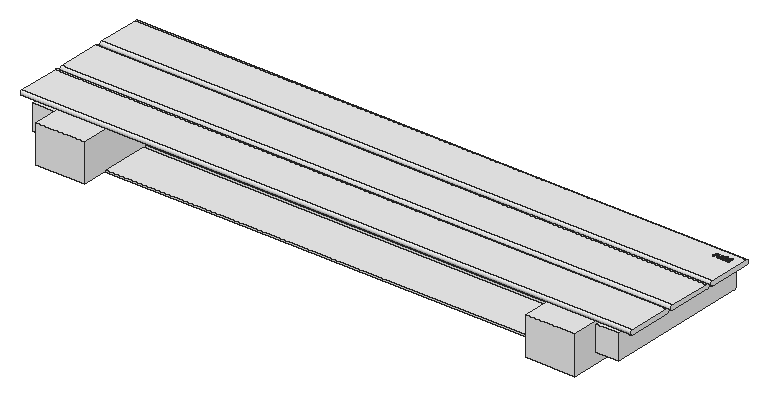
Revit family "Runtal-EB3-120D-120-Volts-36", category Mechanical Equipment, host Face, Revit 2026
Family settings
  Host = Face
  Round Connector Dimension = Use Diameter
  Part Type = Normal
  Classification Number = 23.75.10.14.14
  Cut with Voids When Loaded = No
  Maintain Annotation Orientation = No
  Shared = No
  Room Calculation Point = No
Parameters (values of type "Electric Baseboard-EB3-120D-36-Runtal-Commercial")
  Vertical Conection = Powder Coated-Runtal- Brass
  URL = "http://www.runtalnorthamerica.com/cartpages/orderelectricbaseboard.html"
  Model = "EB3-120D-(120 Volts)-36"
  Manufacturer = "Runtal Radiators"
  Logo = Paint-Runtal-B-Black Matte
  Lamelle = yes
  Grille = yes
  Description = "36\" Runtal’s electric baseboard combines high outputs and low surface temperatures with the fine design and outstanding outputs."
  Default Elevation = 1219.200 mm
  Casing = Powder Coated-Runtal-W-White
  Assembly Code = "D3020"
Reference planes
  plane 1 "Center (Front/Back)": y = 0
  plane 2: z = 0
  plane 3 "Center (Left/Right)": x = 0
Forms (mm)
  Extrusion 1, solid, material "Powder Coated-Runtal-W-White" <- "Casing"
    sketch origin (-317.5, -1393.215, -19.05) x (0, 0, -1) y (0, 1, 0)
      loop
        line (-76.2, 1434.319) -> (-76.2, 1497.819)
        arc (-76.2, 1497.819) -> (-79.375, 1500.994) -> (-82.55, 1497.819) r 3.175
        line (-82.55, 1497.819) -> (-82.55, 1434.319)
        arc (-82.55, 1434.319) -> (-79.375, 1431.144) -> (-76.2, 1434.319) r 3.175
      loop
        line (-76.2, 1583.67) -> (-76.2, 1647.17)
        arc (-76.2, 1647.17) -> (-79.375, 1650.345) -> (-82.55, 1647.17) r 3.175
        line (-82.55, 1647.17) -> (-82.55, 1583.67)
        arc (-82.55, 1583.67) -> (-79.375, 1580.495) -> (-76.2, 1583.67) r 3.175
      loop
        line (-76.2, 1508.994) -> (-76.2, 1572.494)
        arc (-76.2, 1572.494) -> (-79.375, 1575.669) -> (-82.55, 1572.494) r 3.175
        line (-82.55, 1572.494) -> (-82.55, 1508.994)
        arc (-82.55, 1508.994) -> (-79.375, 1505.819) -> (-76.2, 1508.994) r 3.175
    from -139.7 to 774.7
  Extrusion 2, solid, material "Powder Coated-Runtal-W-White" <- "Casing"
    sketch origin (-152.4, -123.215, -68.477) x (0, 0, -1) y (0, 1, 0)
      loop
        line (-122.452, 319.964) -> (-119.277, 319.964) -> (-119.277, 371.461) -> (-122.452, 371.461) -> (-122.452, 319.964)
    from -250.825 to 555.625
  Extrusion 3, solid, material "Powder Coated-Runtal-W-White" <- "Casing"
    sketch origin (-166.049, 0, -97.139) x (0, 0, -1) y (0, 1, 0)
      loop
        line (-151.114, 38.1) -> (-113.565, 38.1) -> (-113.565, 253.463)
        arc (-113.565, 253.463) -> (-114.652, 256.088) -> (-117.277, 257.175) r 3.712
        line (-117.277, 257.175) -> (-148.282, 257.175)
        arc (-148.282, 257.175) -> (-150.284, 256.345) -> (-151.114, 254.343) r 2.832
        line (-151.114, 254.343) -> (-151.114, 248.245) -> (-154.289, 248.245) -> (-154.289, 196.748) -> (-151.114, 196.748) -> (-151.114, 171.498) -> (-154.289, 171.498) -> (-154.289, 122.641) -> (-151.114, 122.641) -> (-151.114, 99.094) -> (-154.289, 99.094) -> (-154.289, 50.237) -> (-151.114, 50.237) -> (-151.114, 38.1)
    from -272.101 to -237.176
  Extrusion 4, solid, material "Powder Coated-Runtal-W-White" <- "Casing"
    sketch origin (162.182, 0, -97.139) x (0, 0, -1) y (0, -1, 0)
      loop
        line (-151.114, -38.1) -> (-151.114, -50.237) -> (-154.289, -50.237) -> (-154.289, -99.094) -> (-151.114, -99.094) -> (-151.114, -122.641) -> (-154.289, -122.641) -> (-154.289, -171.498) -> (-151.114, -171.498) -> (-151.114, -196.748) -> (-154.289, -196.748) -> (-154.289, -248.245) -> (-151.114, -248.245) -> (-151.114, -254.343)
        arc (-151.114, -254.343) -> (-150.284, -256.345) -> (-148.282, -257.175) r 2.832
        line (-148.282, -257.175) -> (-117.277, -257.175)
        arc (-117.277, -257.175) -> (-114.652, -256.088) -> (-113.565, -253.463) r 3.712
        line (-113.565, -253.463) -> (-113.565, -38.1) -> (-151.114, -38.1)
    from -275.968 to -241.043
  Extrusion 5, solid, material "Powder Coated-Runtal-W-White" <- "Casing"
    sketch origin (161.677, 0, -97.139) x (0, 0, -1) y (0, -1, 0)
      loop
        line (-154.289, -171.498) -> (-97.139, -171.498) -> (-97.139, 0) -> (-154.289, 0) -> (-154.289, -171.498)
    from -241.548 to -168.523
  Revolve 6, solid, material "Paint-Runtal-B-Black Matte" <- "Logo", detail levels medium+fine
    sketch origin (384.175, -31.779, -97.139) x (0, 0, -1) y (0, 1, 0)
      loop
        line (-99.262, 135.663) -> (-99.262, 138.231) -> (-102.702, 138.231) -> (-102.702, 133.21) -> (-94.147, 133.21) -> (-94.147, 135.663) -> (-95.188, 135.663) -> (-95.188, 138.231) -> (-96.341, 138.231) -> (-96.341, 135.663) -> (-99.262, 135.663)
      axis (-94.147, 133.21) -> (-102.702, 133.21)
    angle from 0 to 360
  Revolve 7, solid, material "Paint-Runtal-B-Black Matte" <- "Logo", detail levels medium+fine
    sketch origin (349.25, -31.779, -97.139) x (0, 0, -1) y (0, 1, 0)
      loop
        line (-99.262, 135.663) -> (-99.262, 138.231) -> (-102.702, 138.231) -> (-102.702, 133.21) -> (-94.147, 133.21) -> (-94.147, 135.663) -> (-95.188, 135.663) -> (-95.188, 138.231) -> (-96.341, 138.231) -> (-96.341, 135.663) -> (-99.262, 135.663)
      axis (-94.147, 133.21) -> (-102.702, 133.21)
    angle from 0 to 360
  Extrusion 8, solid, material "Powder Coated-Runtal-W-White" <- "Casing"
    sketch origin (-154.93, 0, -97.139) x (0, 0, -1) y (0, 1, 0)
      loop
        line (-154.289, 171.498) -> (-154.289, 0) -> (-97.139, 0) -> (-97.139, 171.498) -> (-154.289, 171.498)
    from -248.295 to -175.27
  Revolve 9, solid, material "Paint-Runtal-B-Black Matte" <- "Logo", detail levels medium+fine
    sketch origin (-385.373, -31.779, -97.139) x (0, 0, -1) y (0, -1, 0)
      loop
        line (-99.262, -135.663) -> (-96.341, -135.663) -> (-96.341, -138.231) -> (-95.188, -138.231) -> (-95.188, -135.663) -> (-94.147, -135.663) -> (-94.147, -133.21) -> (-102.702, -133.21) -> (-102.702, -138.231) -> (-99.262, -138.231) -> (-99.262, -135.663)
      axis (-94.147, -133.21) -> (-102.702, -133.21)
    angle from 0 to 360
  Revolve 10, solid, material "Paint-Runtal-B-Black Matte" <- "Logo", detail levels medium+fine
    sketch origin (-350.448, -31.779, -97.139) x (0, 0, -1) y (0, -1, 0)
      loop
        line (-99.262, -135.663) -> (-96.341, -135.663) -> (-96.341, -138.231) -> (-95.188, -138.231) -> (-95.188, -135.663) -> (-94.147, -135.663) -> (-94.147, -133.21) -> (-102.702, -133.21) -> (-102.702, -138.231) -> (-99.262, -138.231) -> (-99.262, -135.663)
      axis (-94.147, -133.21) -> (-102.702, -133.21)
    angle from 0 to 360
  Extrusion 11, solid, material "Paint-Runtal-B-Black Matte" <- "Logo"
    sketch origin (203.278, -639.614, -138.55) x (1, 0, 0) y (0, 1, 0)
      loop
        line (215.9, 877.175) -> (217.482, 877.175) -> (217.482, 880.935)
        arc (217.482, 880.935) -> (218.028, 881.547) -> (218.698, 881.075) r 0.616
        arc (218.698, 881.075) -> (218.926, 880.633) -> (219.216, 880.229) r 3.37
        line (219.216, 880.229) -> (221.077, 880.229) -> (219.757, 883.061)
        arc (219.757, 883.061) -> (219.338, 883.403) -> (218.812, 883.525) r 1.194
        line (218.812, 883.525) -> (216.635, 883.525)
        arc (216.635, 883.525) -> (216.118, 883.334) -> (215.9, 882.827) r 0.699
        line (215.9, 882.827) -> (215.9, 877.175)
      loop
        line (222.852, 877.146) -> (225.869, 877.146) -> (225.869, 883.46)
        arc (225.869, 883.46) -> (225.105, 883.929) -> (224.341, 883.46) r 0.856
        line (224.341, 883.46) -> (224.341, 879.55)
        arc (224.341, 879.55) -> (223.721, 878.929) -> (223.1, 879.55) r 0.62
        line (223.1, 879.55) -> (221.834, 883.692)
        arc (221.834, 883.692) -> (220.996, 884.11) -> (220.536, 883.296) r 0.68
        line (220.536, 883.296) -> (221.738, 878.473)
        arc (221.738, 878.473) -> (222.142, 877.681) -> (222.852, 877.146) r 1.976
      loop
        line (226.263, 877.175) -> (227.738, 877.175) -> (227.738, 881.08)
        arc (227.738, 881.08) -> (228.119, 881.677) -> (228.747, 881.35) r 0.524
        line (228.747, 881.35) -> (229.931, 878.096)
        arc (229.931, 878.096) -> (230.64, 877.334) -> (231.68, 877.312) r 1.335
        line (231.68, 877.312) -> (230.282, 882.529)
        arc (230.282, 882.529) -> (229.99, 883.234) -> (229.286, 883.525) r 0.996
        line (229.286, 883.525) -> (226.837, 883.525)
        arc (226.837, 883.525) -> (226.431, 883.357) -> (226.263, 882.951) r 0.574
        line (226.263, 882.951) -> (226.263, 877.175)
      loop
        line (232.362, 877.175) -> (233.546, 877.175) -> (233.546, 880.946)
        arc (233.546, 880.946) -> (233.686, 881.325) -> (234.038, 881.521) r 0.582
        line (234.038, 881.521) -> (236.904, 881.521)
        arc (236.904, 881.521) -> (237.565, 880.86) -> (236.904, 880.199) r 0.661
        line (236.904, 880.199) -> (235.445, 880.199)
        arc (235.445, 880.199) -> (234.937, 879.989) -> (234.726, 879.481) r 0.718
        line (234.726, 879.481) -> (234.726, 877.743)
        arc (234.726, 877.743) -> (235.131, 877.463) -> (235.621, 877.417) r 0.967
        line (235.621, 877.417) -> (238.115, 877.417)
        arc (238.115, 877.417) -> (238.698, 877.659) -> (238.939, 878.241) r 0.824
        line (238.939, 878.241) -> (238.939, 881.716)
        arc (238.939, 881.716) -> (238.614, 882.502) -> (237.828, 882.828) r 1.111
        line (237.828, 882.828) -> (234.143, 882.828)
        arc (234.143, 882.828) -> (233.721, 883.003) -> (233.546, 883.425) r 0.597
        line (233.546, 883.425) -> (233.546, 884.441)
        arc (233.546, 884.441) -> (232.868, 885.118) -> (232.191, 884.441) r 0.677
        line (232.191, 884.441) -> (232.191, 882.794)
        arc (232.191, 882.794) -> (231.752, 882.355) -> (231.152, 882.194) r 1.2
        arc (231.152, 882.194) -> (230.815, 881.857) -> (231.152, 881.521) r 0.336
        arc (231.152, 881.521) -> (231.811, 881.385) -> (232.362, 880.998) r 1.661
        line (232.362, 880.998) -> (232.362, 877.175)
      loop
        spline (235.817, 878.915) -> (235.846, 878.769) -> (235.933, 878.633) -> (236.07, 878.516) -> (236.248, 878.426) -> (236.456, 878.37) -> (236.68, 878.35) -> (236.903, 878.37) -> (237.111, 878.426) -> (237.289, 878.516) -> (237.427, 878.633) -> (237.513, 878.769) -> (237.542, 878.915)
        spline (237.542, 878.915) -> (237.513, 879.061) -> (237.427, 879.198) -> (237.289, 879.315) -> (237.111, 879.404) -> (236.903, 879.461) -> (236.68, 879.48) -> (236.456, 879.461) -> (236.248, 879.404) -> (236.07, 879.315) -> (235.933, 879.198) -> (235.846, 879.061) -> (235.817, 878.915)
      loop
        line (239.224, 877.175) -> (240.643, 877.175) -> (240.643, 884.403)
        arc (240.643, 884.403) -> (239.934, 885.113) -> (239.224, 884.403) r 0.71
        line (239.224, 884.403) -> (239.224, 877.175)
    from 202.044 to 202.214
  Extrusion 12, solid, material "Powder Coated-Runtal-W-White" <- "Casing"
    sketch origin (0, 0, -76.2) x (1, 0, 0) y (0, 0, -1)
      loop
        arc (-399.34, -92.626) -> (-402.087, -93.764) -> (-403.225, -96.511) r 3.885
        line (-403.225, -96.511) -> (-403.225, -129.472)
        arc (-403.225, -129.472) -> (-402.089, -132.214) -> (-399.347, -133.35) r 3.878
        line (-399.347, -133.35) -> (399.361, -133.35)
        arc (399.361, -133.35) -> (402.093, -132.218) -> (403.225, -129.486) r 3.864
        line (403.225, -129.486) -> (403.225, -96.412)
        arc (403.225, -96.412) -> (402.116, -93.735) -> (399.439, -92.626) r 3.786
        line (399.439, -92.626) -> (-399.34, -92.626)
    from 254.595 to 257.175
  Extrusion 13, solid, material "Powder Coated-Runtal-W-White" <- "Casing", detail levels medium+fine
    sketch origin (0, 0, -76.2) x (0, 0, -1) y (0, 1, 0)
      loop
        line (-76.2, 171.498) -> (-79.151, 171.498) -> (-79.151, 112.604) -> (-76.2, 112.604) -> (-76.2, 171.498)
      loop
        line (-76.2, 107.673) -> (-79.151, 107.673) -> (-79.151, 37.929) -> (-76.2, 37.929) -> (-76.2, 107.673)
    from -330.2 to 330.2
  Extrusion 14, solid, material "Powder Coated-Runtal-W-White" <- "Casing", not visible
    sketch origin (-317.5, -57.15, -1393.215) x (0, 1, 0) y (0, 0, 1)
      loop
        line (-76.2, 1434.319) -> (-76.2, 1497.819)
        arc (-76.2, 1497.819) -> (-79.375, 1500.994) -> (-82.55, 1497.819) r 3.175
        line (-82.55, 1497.819) -> (-82.55, 1434.319)
        arc (-82.55, 1434.319) -> (-79.375, 1431.144) -> (-76.2, 1434.319) r 3.175
      loop
        line (-76.2, 1583.67) -> (-76.2, 1647.17)
        arc (-76.2, 1647.17) -> (-79.375, 1650.345) -> (-82.55, 1647.17) r 3.175
        line (-82.55, 1647.17) -> (-82.55, 1583.67)
        arc (-82.55, 1583.67) -> (-79.375, 1580.495) -> (-76.2, 1583.67) r 3.175
      loop
        line (-76.2, 1508.994) -> (-76.2, 1572.494)
        arc (-76.2, 1572.494) -> (-79.375, 1575.669) -> (-82.55, 1572.494) r 3.175
        line (-82.55, 1572.494) -> (-82.55, 1508.994)
        arc (-82.55, 1508.994) -> (-79.375, 1505.819) -> (-76.2, 1508.994) r 3.175
    from -139.7 to 774.7
  Extrusion 15, solid, material "Powder Coated-Runtal-W-White" <- "Casing", not visible
    sketch origin (-152.4, -7.723, -123.215) x (0, 1, 0) y (0, 0, 1)
      loop
        line (-122.452, 319.964) -> (-119.277, 319.964) -> (-119.277, 371.461) -> (-122.452, 371.461) -> (-122.452, 319.964)
    from -250.825 to 555.625
  Extrusion 16, solid, material "Powder Coated-Runtal-W-White" <- "Casing", not visible
    sketch origin (-166.049, 20.939, 0) x (0, 1, 0) y (0, 0, 1)
      loop
        line (-151.114, 38.1) -> (-113.565, 38.1) -> (-113.565, 253.463)
        arc (-113.565, 253.463) -> (-114.652, 256.088) -> (-117.277, 257.175) r 3.712
        line (-117.277, 257.175) -> (-148.282, 257.175)
        arc (-148.282, 257.175) -> (-150.284, 256.345) -> (-151.114, 254.343) r 2.832
        line (-151.114, 254.343) -> (-151.114, 248.245) -> (-154.289, 248.245) -> (-154.289, 196.748) -> (-151.114, 196.748) -> (-151.114, 171.498) -> (-154.289, 171.498) -> (-154.289, 122.641) -> (-151.114, 122.641) -> (-151.114, 99.094) -> (-154.289, 99.094) -> (-154.289, 50.237) -> (-151.114, 50.237) -> (-151.114, 38.1)
    from -272.101 to -237.176
  Extrusion 17, solid, material "Powder Coated-Runtal-W-White" <- "Casing", not visible
    sketch origin (162.182, 20.939, 0) x (0, 1, 0) y (0, 0, -1)
      loop
        line (-151.114, -38.1) -> (-151.114, -50.237) -> (-154.289, -50.237) -> (-154.289, -99.094) -> (-151.114, -99.094) -> (-151.114, -122.641) -> (-154.289, -122.641) -> (-154.289, -171.498) -> (-151.114, -171.498) -> (-151.114, -196.748) -> (-154.289, -196.748) -> (-154.289, -248.245) -> (-151.114, -248.245) -> (-151.114, -254.343)
        arc (-151.114, -254.343) -> (-150.284, -256.345) -> (-148.282, -257.175) r 2.832
        line (-148.282, -257.175) -> (-117.277, -257.175)
        arc (-117.277, -257.175) -> (-114.652, -256.088) -> (-113.565, -253.463) r 3.712
        line (-113.565, -253.463) -> (-113.565, -38.1) -> (-151.114, -38.1)
    from -275.968 to -241.043
  Extrusion 18, solid, material "Powder Coated-Runtal-W-White" <- "Casing", not visible
    sketch origin (161.677, 20.939, 0) x (0, 1, 0) y (0, 0, -1)
      loop
        line (-154.289, -171.498) -> (-97.139, -171.498) -> (-97.139, 0) -> (-154.289, 0) -> (-154.289, -171.498)
    from -241.548 to -168.523
  Revolve 19, solid, material "Paint-Runtal-B-Black Matte" <- "Logo", not visible, detail levels medium+fine
    sketch origin (384.175, 20.939, -31.779) x (0, 1, 0) y (0, 0, 1)
      loop
        line (-99.262, 135.663) -> (-99.262, 138.231) -> (-102.702, 138.231) -> (-102.702, 133.21) -> (-94.147, 133.21) -> (-94.147, 135.663) -> (-95.188, 135.663) -> (-95.188, 138.231) -> (-96.341, 138.231) -> (-96.341, 135.663) -> (-99.262, 135.663)
      axis (-94.147, 133.21) -> (-102.702, 133.21)
    angle from 0 to 360
  Revolve 20, solid, material "Paint-Runtal-B-Black Matte" <- "Logo", not visible, detail levels medium+fine
    sketch origin (349.25, 20.939, -31.779) x (0, 1, 0) y (0, 0, 1)
      loop
        line (-99.262, 135.663) -> (-99.262, 138.231) -> (-102.702, 138.231) -> (-102.702, 133.21) -> (-94.147, 133.21) -> (-94.147, 135.663) -> (-95.188, 135.663) -> (-95.188, 138.231) -> (-96.341, 138.231) -> (-96.341, 135.663) -> (-99.262, 135.663)
      axis (-94.147, 133.21) -> (-102.702, 133.21)
    angle from 0 to 360
  Extrusion 21, solid, material "Powder Coated-Runtal-W-White" <- "Casing", not visible
    sketch origin (-154.93, 20.939, 0) x (0, 1, 0) y (0, 0, 1)
      loop
        line (-154.289, 171.498) -> (-154.289, 0) -> (-97.139, 0) -> (-97.139, 171.498) -> (-154.289, 171.498)
    from -248.295 to -175.27
  Revolve 22, solid, material "Paint-Runtal-B-Black Matte" <- "Logo", not visible, detail levels medium+fine
    sketch origin (-385.373, 20.939, -31.779) x (0, 1, 0) y (0, 0, -1)
      loop
        line (-99.262, -135.663) -> (-96.341, -135.663) -> (-96.341, -138.231) -> (-95.188, -138.231) -> (-95.188, -135.663) -> (-94.147, -135.663) -> (-94.147, -133.21) -> (-102.702, -133.21) -> (-102.702, -138.231) -> (-99.262, -138.231) -> (-99.262, -135.663)
      axis (-94.147, -133.21) -> (-102.702, -133.21)
    angle from 0 to 360
  Revolve 23, solid, material "Paint-Runtal-B-Black Matte" <- "Logo", not visible, detail levels medium+fine
    sketch origin (-350.448, 20.939, -31.779) x (0, 1, 0) y (0, 0, -1)
      loop
        line (-99.262, -135.663) -> (-96.341, -135.663) -> (-96.341, -138.231) -> (-95.188, -138.231) -> (-95.188, -135.663) -> (-94.147, -135.663) -> (-94.147, -133.21) -> (-102.702, -133.21) -> (-102.702, -138.231) -> (-99.262, -138.231) -> (-99.262, -135.663)
      axis (-94.147, -133.21) -> (-102.702, -133.21)
    angle from 0 to 360
  Extrusion 24, solid, material "Paint-Runtal-B-Black Matte" <- "Logo", not visible
    sketch origin (203.278, 62.35, -639.614) x (1, 0, 0) y (0, 0, 1)
      loop
        line (215.9, 877.175) -> (217.482, 877.175) -> (217.482, 880.935)
        arc (217.482, 880.935) -> (218.028, 881.547) -> (218.698, 881.075) r 0.616
        arc (218.698, 881.075) -> (218.926, 880.633) -> (219.216, 880.229) r 3.37
        line (219.216, 880.229) -> (221.077, 880.229) -> (219.757, 883.061)
        arc (219.757, 883.061) -> (219.338, 883.403) -> (218.812, 883.525) r 1.194
        line (218.812, 883.525) -> (216.635, 883.525)
        arc (216.635, 883.525) -> (216.118, 883.334) -> (215.9, 882.827) r 0.699
        line (215.9, 882.827) -> (215.9, 877.175)
      loop
        line (222.852, 877.146) -> (225.869, 877.146) -> (225.869, 883.46)
        arc (225.869, 883.46) -> (225.105, 883.929) -> (224.341, 883.46) r 0.856
        line (224.341, 883.46) -> (224.341, 879.55)
        arc (224.341, 879.55) -> (223.721, 878.929) -> (223.1, 879.55) r 0.62
        line (223.1, 879.55) -> (221.834, 883.692)
        arc (221.834, 883.692) -> (220.996, 884.11) -> (220.536, 883.296) r 0.68
        line (220.536, 883.296) -> (221.738, 878.473)
        arc (221.738, 878.473) -> (222.142, 877.681) -> (222.852, 877.146) r 1.976
      loop
        line (226.263, 877.175) -> (227.738, 877.175) -> (227.738, 881.08)
        arc (227.738, 881.08) -> (228.119, 881.677) -> (228.747, 881.35) r 0.524
        line (228.747, 881.35) -> (229.931, 878.096)
        arc (229.931, 878.096) -> (230.64, 877.334) -> (231.68, 877.312) r 1.335
        line (231.68, 877.312) -> (230.282, 882.529)
        arc (230.282, 882.529) -> (229.99, 883.234) -> (229.286, 883.525) r 0.996
        line (229.286, 883.525) -> (226.837, 883.525)
        arc (226.837, 883.525) -> (226.431, 883.357) -> (226.263, 882.951) r 0.574
        line (226.263, 882.951) -> (226.263, 877.175)
      loop
        line (232.362, 877.175) -> (233.546, 877.175) -> (233.546, 880.946)
        arc (233.546, 880.946) -> (233.686, 881.325) -> (234.038, 881.521) r 0.582
        line (234.038, 881.521) -> (236.904, 881.521)
        arc (236.904, 881.521) -> (237.565, 880.86) -> (236.904, 880.199) r 0.661
        line (236.904, 880.199) -> (235.445, 880.199)
        arc (235.445, 880.199) -> (234.937, 879.989) -> (234.726, 879.481) r 0.718
        line (234.726, 879.481) -> (234.726, 877.743)
        arc (234.726, 877.743) -> (235.131, 877.463) -> (235.621, 877.417) r 0.967
        line (235.621, 877.417) -> (238.115, 877.417)
        arc (238.115, 877.417) -> (238.698, 877.659) -> (238.939, 878.241) r 0.824
        line (238.939, 878.241) -> (238.939, 881.716)
        arc (238.939, 881.716) -> (238.614, 882.502) -> (237.828, 882.828) r 1.111
        line (237.828, 882.828) -> (234.143, 882.828)
        arc (234.143, 882.828) -> (233.721, 883.003) -> (233.546, 883.425) r 0.597
        line (233.546, 883.425) -> (233.546, 884.441)
        arc (233.546, 884.441) -> (232.868, 885.118) -> (232.191, 884.441) r 0.677
        line (232.191, 884.441) -> (232.191, 882.794)
        arc (232.191, 882.794) -> (231.752, 882.355) -> (231.152, 882.194) r 1.2
        arc (231.152, 882.194) -> (230.815, 881.857) -> (231.152, 881.521) r 0.336
        arc (231.152, 881.521) -> (231.811, 881.385) -> (232.362, 880.998) r 1.661
        line (232.362, 880.998) -> (232.362, 877.175)
      loop
        spline (235.817, 878.915) -> (235.846, 878.769) -> (235.933, 878.633) -> (236.07, 878.516) -> (236.248, 878.426) -> (236.456, 878.37) -> (236.68, 878.35) -> (236.903, 878.37) -> (237.111, 878.426) -> (237.289, 878.516) -> (237.427, 878.633) -> (237.513, 878.769) -> (237.542, 878.915)
        spline (237.542, 878.915) -> (237.513, 879.061) -> (237.427, 879.198) -> (237.289, 879.315) -> (237.111, 879.404) -> (236.903, 879.461) -> (236.68, 879.48) -> (236.456, 879.461) -> (236.248, 879.404) -> (236.07, 879.315) -> (235.933, 879.198) -> (235.846, 879.061) -> (235.817, 878.915)
      loop
        line (239.224, 877.175) -> (240.643, 877.175) -> (240.643, 884.403)
        arc (240.643, 884.403) -> (239.934, 885.113) -> (239.224, 884.403) r 0.71
        line (239.224, 884.403) -> (239.224, 877.175)
    from 202.044 to 202.214
  Extrusion 25, solid, material "Powder Coated-Runtal-W-White" <- "Casing", not visible
    sketch origin (0, 0, 0) x (1, 0, 0) y (0, 1, 0)
      loop
        arc (-399.34, -92.626) -> (-402.087, -93.764) -> (-403.225, -96.511) r 3.885
        line (-403.225, -96.511) -> (-403.225, -129.472)
        arc (-403.225, -129.472) -> (-402.089, -132.214) -> (-399.347, -133.35) r 3.878
        line (-399.347, -133.35) -> (399.361, -133.35)
        arc (399.361, -133.35) -> (402.093, -132.218) -> (403.225, -129.486) r 3.864
        line (403.225, -129.486) -> (403.225, -96.412)
        arc (403.225, -96.412) -> (402.116, -93.735) -> (399.439, -92.626) r 3.786
        line (399.439, -92.626) -> (-399.34, -92.626)
    from 254.595 to 257.175
  Extrusion 26, solid, material "Powder Coated-Runtal-W-White" <- "Casing", not visible, detail levels medium+fine
    sketch origin (0, 0, 0) x (0, 1, 0) y (0, 0, 1)
      loop
        line (-76.2, 171.498) -> (-79.151, 171.498) -> (-79.151, 112.604) -> (-76.2, 112.604) -> (-76.2, 171.498)
      loop
        line (-76.2, 107.673) -> (-79.151, 107.673) -> (-79.151, 37.929) -> (-76.2, 37.929) -> (-76.2, 107.673)
    from -330.2 to 330.2
Dimensions and locks
  aligned and locked: plane 2 to host face
  aligned and locked: level to host face
  aligned and locked: Extrusion 13 to Extrusion 5
  aligned and locked: Extrusion 13 to Extrusion 8
  aligned and locked: Extrusion 8 to level
  aligned and locked: plane 1 "Center (Front/Back)" to Extrusion 8
  aligned and locked: level to nested 4
Nested families
  nested 1: "Family Grilles" at (403.225, 257.175, 25.4) x (-1, 0, 0) z (0, 1, 0), type "Family Grilles", detail levels fine
  nested 2: "Family Grilles" at (403.225, -101.6, 257.175) x (-1, 0, 0) z (0, 0, 1), type "Family Grilles", not visible, detail levels fine
  nested 3: "EB3_Plan_coarse" at (0, 0, 0) x (-1, 0, 0) z (0, -1, 0), type "EB3_Plan_coarse"
  nested 4: "EB3_Plan_medium" at (0, 0, 0) x (-1, 0, 0) z (0, -1, 0), type "EB3_Plan_medium"
Connectors
  electrical at (0, 142.051, 2.951)
    settings: on Extrusion 13, index 1, voltage 0 V, apparent load 0 VA, apparent load phase1 0 VA, apparent load phase2 0 VA, apparent load phase3 0 VA, power factor 1, load classification "Other", number of poles 1, system type 31, power factor state 1, is connector primary yes, connector utility no, sub classification motor no, connector description ""
Definition of nested family "Family Grilles"
  Parameters
    finLength = 431.800 mm
    Right# = ((finLength - 10.160 mm) / (5.080 mm)) + 1  # 84
    Left# = ((finLength - 7.620 mm) / (5.080 mm)) + 1  # 85
    Default Elevation = 1219.200 mm
  Reference planes
    plane 1 "Center (Front/Back)": y = 0
    plane 2: z = 0
    plane 3 "Center (Left/Right)": x = 0
    plane 4: x = 431.8
  Forms (mm)
    Extrusion 1, solid
      sketch origin (0, 0, 0) x (1, 0, 0) y (0, 1, 0)
        loop
          line (-1219.2, 1219.2) -> (-1219.2, -1219.2) -> (1219.2, -1219.2) -> (1219.2, 1219.2) -> (-1219.2, 1219.2)
      from 0 to -304.8
  Lines and regions (mm)
    model lines
      curve 1: circle (2.54, 23.495, 0) r 1.27 normal (0, 0, 1)
      curve 2: circle (2.54, 14.605, 0) r 1.27 normal (0, 0, 1)
      curve 3: circle (2.54, 5.715, 0) r 1.27 normal (0, 0, 1)
      curve 4: circle (5.08, 19.05, 0) r 1.27 normal (0, 0, 1)
      curve 5: circle (5.08, 10.16, 0) r 1.27 normal (0, 0, 1)
      curve 6: circle (5.08, 1.27, 0) r 1.27 normal (0, 0, 1)
      curve 13: circle (7.62, 23.495, 0) r 1.27 normal (0, 0, 1)
      curve 14: circle (7.62, 14.605, 0) r 1.27 normal (0, 0, 1)
      curve 15: circle (7.62, 5.715, 0) r 1.27 normal (0, 0, 1)
      curve 16: circle (10.16, 19.05, 0) r 1.27 normal (0, 0, 1)
      curve 17: circle (10.16, 10.16, 0) r 1.27 normal (0, 0, 1)
      curve 18: circle (10.16, 1.27, 0) r 1.27 normal (0, 0, 1)
      curve 19: circle (15.24, 19.05, 0) r 1.27 normal (0, 0, 1)
      curve 20: circle (15.24, 10.16, 0) r 1.27 normal (0, 0, 1)
      curve 21: circle (15.24, 1.27, 0) r 1.27 normal (0, 0, 1)
      curve 22: circle (20.32, 19.05, 0) r 1.27 normal (0, 0, 1)
      curve 23: circle (20.32, 10.16, 0) r 1.27 normal (0, 0, 1)
      curve 24: circle (20.32, 1.27, 0) r 1.27 normal (0, 0, 1)
      curve 25: circle (12.7, 23.495, 0) r 1.27 normal (0, 0, 1)
      curve 26: circle (12.7, 14.605, 0) r 1.27 normal (0, 0, 1)
      curve 27: circle (12.7, 5.715, 0) r 1.27 normal (0, 0, 1)
      curve 28: circle (17.78, 23.495, 0) r 1.27 normal (0, 0, 1)
      curve 29: circle (17.78, 14.605, 0) r 1.27 normal (0, 0, 1)
      curve 30: circle (17.78, 5.715, 0) r 1.27 normal (0, 0, 1)
      curve 31: circle (22.86, 23.495, 0) r 1.27 normal (0, 0, 1)
      curve 32: circle (22.86, 14.605, 0) r 1.27 normal (0, 0, 1)
      curve 33: circle (22.86, 5.715, 0) r 1.27 normal (0, 0, 1)
      curve 34: circle (27.94, 23.495, 0) r 1.27 normal (0, 0, 1)
      curve 35: circle (27.94, 14.605, 0) r 1.27 normal (0, 0, 1)
      curve 36: circle (27.94, 5.715, 0) r 1.27 normal (0, 0, 1)
      curve 37: circle (33.02, 23.495, 0) r 1.27 normal (0, 0, 1)
      curve 38: circle (33.02, 14.605, 0) r 1.27 normal (0, 0, 1)
      curve 39: circle (33.02, 5.715, 0) r 1.27 normal (0, 0, 1)
      curve 40: circle (38.1, 23.495, 0) r 1.27 normal (0, 0, 1)
      curve 41: circle (38.1, 14.605, 0) r 1.27 normal (0, 0, 1)
      curve 42: circle (38.1, 5.715, 0) r 1.27 normal (0, 0, 1)
      curve 43: circle (43.18, 23.495, 0) r 1.27 normal (0, 0, 1)
      curve 44: circle (43.18, 14.605, 0) r 1.27 normal (0, 0, 1)
      curve 45: circle (43.18, 5.715, 0) r 1.27 normal (0, 0, 1)
      curve 46: circle (48.26, 23.495, 0) r 1.27 normal (0, 0, 1)
      curve 47: circle (48.26, 14.605, 0) r 1.27 normal (0, 0, 1)
      curve 48: circle (48.26, 5.715, 0) r 1.27 normal (0, 0, 1)
      curve 49: circle (53.34, 23.495, 0) r 1.27 normal (0, 0, 1)
      curve 50: circle (53.34, 14.605, 0) r 1.27 normal (0, 0, 1)
      curve 51: circle (53.34, 5.715, 0) r 1.27 normal (0, 0, 1)
      curve 52: circle (58.42, 23.495, 0) r 1.27 normal (0, 0, 1)
      curve 53: circle (58.42, 14.605, 0) r 1.27 normal (0, 0, 1)
      curve 54: circle (58.42, 5.715, 0) r 1.27 normal (0, 0, 1)
      curve 55: circle (63.5, 23.495, 0) r 1.27 normal (0, 0, 1)
      curve 56: circle (63.5, 14.605, 0) r 1.27 normal (0, 0, 1)
      curve 57: circle (63.5, 5.715, 0) r 1.27 normal (0, 0, 1)
      curve 58: circle (68.58, 23.495, 0) r 1.27 normal (0, 0, 1)
      curve 59: circle (68.58, 14.605, 0) r 1.27 normal (0, 0, 1)
      curve 60: circle (68.58, 5.715, 0) r 1.27 normal (0, 0, 1)
      curve 61: circle (73.66, 23.495, 0) r 1.27 normal (0, 0, 1)
      curve 62: circle (73.66, 14.605, 0) r 1.27 normal (0, 0, 1)
      curve 63: circle (73.66, 5.715, 0) r 1.27 normal (0, 0, 1)
      curve 64: circle (78.74, 23.495, 0) r 1.27 normal (0, 0, 1)
      curve 65: circle (78.74, 14.605, 0) r 1.27 normal (0, 0, 1)
      curve 66: circle (78.74, 5.715, 0) r 1.27 normal (0, 0, 1)
      curve 67: circle (83.82, 23.495, 0) r 1.27 normal (0, 0, 1)
      curve 68: circle (83.82, 14.605, 0) r 1.27 normal (0, 0, 1)
      curve 69: circle (83.82, 5.715, 0) r 1.27 normal (0, 0, 1)
      curve 70: circle (88.9, 23.495, 0) r 1.27 normal (0, 0, 1)
      curve 71: circle (88.9, 14.605, 0) r 1.27 normal (0, 0, 1)
      curve 72: circle (88.9, 5.715, 0) r 1.27 normal (0, 0, 1)
      curve 73: circle (93.98, 23.495, 0) r 1.27 normal (0, 0, 1)
      curve 74: circle (93.98, 14.605, 0) r 1.27 normal (0, 0, 1)
      curve 75: circle (93.98, 5.715, 0) r 1.27 normal (0, 0, 1)
      curve 76: circle (99.06, 23.495, 0) r 1.27 normal (0, 0, 1)
      curve 77: circle (99.06, 14.605, 0) r 1.27 normal (0, 0, 1)
      curve 78: circle (99.06, 5.715, 0) r 1.27 normal (0, 0, 1)
      curve 79: circle (104.14, 23.495, 0) r 1.27 normal (0, 0, 1)
      curve 80: circle (104.14, 14.605, 0) r 1.27 normal (0, 0, 1)
      curve 81: circle (104.14, 5.715, 0) r 1.27 normal (0, 0, 1)
      curve 82: circle (109.22, 23.495, 0) r 1.27 normal (0, 0, 1)
      curve 83: circle (109.22, 14.605, 0) r 1.27 normal (0, 0, 1)
      curve 84: circle (109.22, 5.715, 0) r 1.27 normal (0, 0, 1)
      curve 85: circle (114.3, 23.495, 0) r 1.27 normal (0, 0, 1)
      curve 86: circle (114.3, 14.605, 0) r 1.27 normal (0, 0, 1)
      curve 87: circle (114.3, 5.715, 0) r 1.27 normal (0, 0, 1)
      curve 88: circle (119.38, 23.495, 0) r 1.27 normal (0, 0, 1)
      curve 89: circle (119.38, 14.605, 0) r 1.27 normal (0, 0, 1)
      curve 90: circle (119.38, 5.715, 0) r 1.27 normal (0, 0, 1)
      curve 91: circle (124.46, 23.495, 0) r 1.27 normal (0, 0, 1)
      curve 92: circle (124.46, 14.605, 0) r 1.27 normal (0, 0, 1)
      curve 93: circle (124.46, 5.715, 0) r 1.27 normal (0, 0, 1)
      curve 94: circle (129.54, 23.495, 0) r 1.27 normal (0, 0, 1)
      curve 95: circle (129.54, 14.605, 0) r 1.27 normal (0, 0, 1)
      curve 96: circle (129.54, 5.715, 0) r 1.27 normal (0, 0, 1)
      curve 97: circle (134.62, 23.495, 0) r 1.27 normal (0, 0, 1)
      curve 98: circle (134.62, 14.605, 0) r 1.27 normal (0, 0, 1)
      curve 99: circle (134.62, 5.715, 0) r 1.27 normal (0, 0, 1)
      curve 100: circle (139.7, 23.495, 0) r 1.27 normal (0, 0, 1)
      curve 101: circle (139.7, 14.605, 0) r 1.27 normal (0, 0, 1)
      curve 102: circle (139.7, 5.715, 0) r 1.27 normal (0, 0, 1)
      curve 103: circle (144.78, 23.495, 0) r 1.27 normal (0, 0, 1)
      curve 104: circle (144.78, 14.605, 0) r 1.27 normal (0, 0, 1)
      curve 105: circle (144.78, 5.715, 0) r 1.27 normal (0, 0, 1)
      curve 106: circle (149.86, 23.495, 0) r 1.27 normal (0, 0, 1)
      curve 107: circle (149.86, 14.605, 0) r 1.27 normal (0, 0, 1)
      curve 108: circle (149.86, 5.715, 0) r 1.27 normal (0, 0, 1)
      curve 109: circle (154.94, 23.495, 0) r 1.27 normal (0, 0, 1)
      curve 110: circle (154.94, 14.605, 0) r 1.27 normal (0, 0, 1)
      curve 111: circle (154.94, 5.715, 0) r 1.27 normal (0, 0, 1)
      curve 112: circle (160.02, 23.495, 0) r 1.27 normal (0, 0, 1)
      curve 113: circle (160.02, 14.605, 0) r 1.27 normal (0, 0, 1)
      curve 114: circle (160.02, 5.715, 0) r 1.27 normal (0, 0, 1)
      curve 115: circle (165.1, 23.495, 0) r 1.27 normal (0, 0, 1)
      curve 116: circle (165.1, 14.605, 0) r 1.27 normal (0, 0, 1)
      curve 117: circle (165.1, 5.715, 0) r 1.27 normal (0, 0, 1)
      curve 118: circle (170.18, 23.495, 0) r 1.27 normal (0, 0, 1)
      curve 119: circle (170.18, 14.605, 0) r 1.27 normal (0, 0, 1)
      curve 120: circle (170.18, 5.715, 0) r 1.27 normal (0, 0, 1)
      curve 121: circle (175.26, 23.495, 0) r 1.27 normal (0, 0, 1)
      curve 122: circle (175.26, 14.605, 0) r 1.27 normal (0, 0, 1)
      curve 123: circle (175.26, 5.715, 0) r 1.27 normal (0, 0, 1)
      curve 124: circle (180.34, 23.495, 0) r 1.27 normal (0, 0, 1)
      curve 125: circle (180.34, 14.605, 0) r 1.27 normal (0, 0, 1)
      curve 126: circle (180.34, 5.715, 0) r 1.27 normal (0, 0, 1)
      curve 127: circle (185.42, 23.495, 0) r 1.27 normal (0, 0, 1)
      curve 128: circle (185.42, 14.605, 0) r 1.27 normal (0, 0, 1)
      curve 129: circle (185.42, 5.715, 0) r 1.27 normal (0, 0, 1)
      curve 130: circle (190.5, 23.495, 0) r 1.27 normal (0, 0, 1)
      curve 131: circle (190.5, 14.605, 0) r 1.27 normal (0, 0, 1)
      curve 132: circle (190.5, 5.715, 0) r 1.27 normal (0, 0, 1)
      curve 133: circle (195.58, 23.495, 0) r 1.27 normal (0, 0, 1)
      curve 134: circle (195.58, 14.605, 0) r 1.27 normal (0, 0, 1)
      curve 135: circle (195.58, 5.715, 0) r 1.27 normal (0, 0, 1)
      curve 136: circle (200.66, 23.495, 0) r 1.27 normal (0, 0, 1)
      curve 137: circle (200.66, 14.605, 0) r 1.27 normal (0, 0, 1)
      curve 138: circle (200.66, 5.715, 0) r 1.27 normal (0, 0, 1)
      curve 139: circle (205.74, 23.495, 0) r 1.27 normal (0, 0, 1)
      curve 140: circle (205.74, 14.605, 0) r 1.27 normal (0, 0, 1)
      curve 141: circle (205.74, 5.715, 0) r 1.27 normal (0, 0, 1)
      curve 142: circle (210.82, 23.495, 0) r 1.27 normal (0, 0, 1)
      curve 143: circle (210.82, 14.605, 0) r 1.27 normal (0, 0, 1)
      curve 144: circle (210.82, 5.715, 0) r 1.27 normal (0, 0, 1)
      curve 145: circle (215.9, 23.495, 0) r 1.27 normal (0, 0, 1)
      curve 146: circle (215.9, 14.605, 0) r 1.27 normal (0, 0, 1)
      curve 147: circle (215.9, 5.715, 0) r 1.27 normal (0, 0, 1)
      curve 148: circle (220.98, 23.495, 0) r 1.27 normal (0, 0, 1)
      curve 149: circle (220.98, 14.605, 0) r 1.27 normal (0, 0, 1)
      curve 150: circle (220.98, 5.715, 0) r 1.27 normal (0, 0, 1)
      curve 151: circle (226.06, 23.495, 0) r 1.27 normal (0, 0, 1)
      curve 152: circle (226.06, 14.605, 0) r 1.27 normal (0, 0, 1)
      curve 153: circle (226.06, 5.715, 0) r 1.27 normal (0, 0, 1)
      curve 154: circle (231.14, 23.495, 0) r 1.27 normal (0, 0, 1)
      curve 155: circle (231.14, 14.605, 0) r 1.27 normal (0, 0, 1)
      curve 156: circle (231.14, 5.715, 0) r 1.27 normal (0, 0, 1)
      curve 157: circle (236.22, 23.495, 0) r 1.27 normal (0, 0, 1)
      curve 158: circle (236.22, 14.605, 0) r 1.27 normal (0, 0, 1)
      curve 159: circle (236.22, 5.715, 0) r 1.27 normal (0, 0, 1)
      curve 160: circle (241.3, 23.495, 0) r 1.27 normal (0, 0, 1)
      curve 161: circle (241.3, 14.605, 0) r 1.27 normal (0, 0, 1)
      curve 162: circle (241.3, 5.715, 0) r 1.27 normal (0, 0, 1)
      curve 163: circle (246.38, 23.495, 0) r 1.27 normal (0, 0, 1)
      curve 164: circle (246.38, 14.605, 0) r 1.27 normal (0, 0, 1)
      curve 165: circle (246.38, 5.715, 0) r 1.27 normal (0, 0, 1)
      curve 166: circle (251.46, 23.495, 0) r 1.27 normal (0, 0, 1)
      curve 167: circle (251.46, 14.605, 0) r 1.27 normal (0, 0, 1)
      curve 168: circle (251.46, 5.715, 0) r 1.27 normal (0, 0, 1)
      curve 169: circle (256.54, 23.495, 0) r 1.27 normal (0, 0, 1)
      curve 170: circle (256.54, 14.605, 0) r 1.27 normal (0, 0, 1)
      curve 171: circle (256.54, 5.715, 0) r 1.27 normal (0, 0, 1)
      curve 172: circle (261.62, 23.495, 0) r 1.27 normal (0, 0, 1)
      curve 173: circle (261.62, 14.605, 0) r 1.27 normal (0, 0, 1)
      curve 174: circle (261.62, 5.715, 0) r 1.27 normal (0, 0, 1)
      curve 175: circle (266.7, 23.495, 0) r 1.27 normal (0, 0, 1)
      curve 176: circle (266.7, 14.605, 0) r 1.27 normal (0, 0, 1)
      curve 177: circle (266.7, 5.715, 0) r 1.27 normal (0, 0, 1)
      curve 178: circle (271.78, 23.495, 0) r 1.27 normal (0, 0, 1)
      curve 179: circle (271.78, 14.605, 0) r 1.27 normal (0, 0, 1)
      curve 180: circle (271.78, 5.715, 0) r 1.27 normal (0, 0, 1)
      curve 181: circle (276.86, 23.495, 0) r 1.27 normal (0, 0, 1)
      curve 182: circle (276.86, 14.605, 0) r 1.27 normal (0, 0, 1)
      curve 183: circle (276.86, 5.715, 0) r 1.27 normal (0, 0, 1)
      curve 184: circle (281.94, 23.495, 0) r 1.27 normal (0, 0, 1)
      curve 185: circle (281.94, 14.605, 0) r 1.27 normal (0, 0, 1)
      curve 186: circle (281.94, 5.715, 0) r 1.27 normal (0, 0, 1)
      curve 187: circle (287.02, 23.495, 0) r 1.27 normal (0, 0, 1)
      curve 188: circle (287.02, 14.605, 0) r 1.27 normal (0, 0, 1)
      curve 189: circle (287.02, 5.715, 0) r 1.27 normal (0, 0, 1)
      curve 190: circle (292.1, 23.495, 0) r 1.27 normal (0, 0, 1)
      curve 191: circle (292.1, 14.605, 0) r 1.27 normal (0, 0, 1)
      curve 192: circle (292.1, 5.715, 0) r 1.27 normal (0, 0, 1)
      curve 193: circle (297.18, 23.495, 0) r 1.27 normal (0, 0, 1)
      curve 194: circle (297.18, 14.605, 0) r 1.27 normal (0, 0, 1)
      curve 195: circle (297.18, 5.715, 0) r 1.27 normal (0, 0, 1)
      curve 196: circle (302.26, 23.495, 0) r 1.27 normal (0, 0, 1)
      curve 197: circle (302.26, 14.605, 0) r 1.27 normal (0, 0, 1)
      curve 198: circle (302.26, 5.715, 0) r 1.27 normal (0, 0, 1)
      curve 199: circle (307.34, 23.495, 0) r 1.27 normal (0, 0, 1)
      curve 200: circle (307.34, 14.605, 0) r 1.27 normal (0, 0, 1)
      curve 201: circle (307.34, 5.715, 0) r 1.27 normal (0, 0, 1)
      curve 202: circle (312.42, 23.495, 0) r 1.27 normal (0, 0, 1)
      curve 203: circle (312.42, 14.605, 0) r 1.27 normal (0, 0, 1)
      curve 204: circle (312.42, 5.715, 0) r 1.27 normal (0, 0, 1)
      curve 205: circle (317.5, 23.495, 0) r 1.27 normal (0, 0, 1)
      curve 206: circle (317.5, 14.605, 0) r 1.27 normal (0, 0, 1)
      curve 207: circle (317.5, 5.715, 0) r 1.27 normal (0, 0, 1)
      curve 208: circle (322.58, 23.495, 0) r 1.27 normal (0, 0, 1)
      curve 209: circle (322.58, 14.605, 0) r 1.27 normal (0, 0, 1)
      curve 210: circle (322.58, 5.715, 0) r 1.27 normal (0, 0, 1)
      curve 211: circle (327.66, 23.495, 0) r 1.27 normal (0, 0, 1)
      curve 212: circle (327.66, 14.605, 0) r 1.27 normal (0, 0, 1)
      curve 213: circle (327.66, 5.715, 0) r 1.27 normal (0, 0, 1)
      curve 214: circle (332.74, 23.495, 0) r 1.27 normal (0, 0, 1)
      curve 215: circle (332.74, 14.605, 0) r 1.27 normal (0, 0, 1)
      curve 216: circle (332.74, 5.715, 0) r 1.27 normal (0, 0, 1)
      curve 217: circle (337.82, 23.495, 0) r 1.27 normal (0, 0, 1)
      curve 218: circle (337.82, 14.605, 0) r 1.27 normal (0, 0, 1)
      curve 219: circle (337.82, 5.715, 0) r 1.27 normal (0, 0, 1)
      curve 220: circle (342.9, 23.495, 0) r 1.27 normal (0, 0, 1)
      curve 221: circle (342.9, 14.605, 0) r 1.27 normal (0, 0, 1)
      curve 222: circle (342.9, 5.715, 0) r 1.27 normal (0, 0, 1)
      curve 223: circle (347.98, 23.495, 0) r 1.27 normal (0, 0, 1)
      curve 224: circle (347.98, 14.605, 0) r 1.27 normal (0, 0, 1)
      curve 225: circle (347.98, 5.715, 0) r 1.27 normal (0, 0, 1)
      curve 226: circle (353.06, 23.495, 0) r 1.27 normal (0, 0, 1)
      curve 227: circle (353.06, 14.605, 0) r 1.27 normal (0, 0, 1)
      curve 228: circle (353.06, 5.715, 0) r 1.27 normal (0, 0, 1)
      curve 229: circle (358.14, 23.495, 0) r 1.27 normal (0, 0, 1)
      curve 230: circle (358.14, 14.605, 0) r 1.27 normal (0, 0, 1)
      curve 231: circle (358.14, 5.715, 0) r 1.27 normal (0, 0, 1)
      curve 232: circle (363.22, 23.495, 0) r 1.27 normal (0, 0, 1)
      curve 233: circle (363.22, 14.605, 0) r 1.27 normal (0, 0, 1)
      curve 234: circle (363.22, 5.715, 0) r 1.27 normal (0, 0, 1)
      curve 235: circle (368.3, 23.495, 0) r 1.27 normal (0, 0, 1)
      curve 236: circle (368.3, 14.605, 0) r 1.27 normal (0, 0, 1)
      curve 237: circle (368.3, 5.715, 0) r 1.27 normal (0, 0, 1)
      curve 238: circle (373.38, 23.495, 0) r 1.27 normal (0, 0, 1)
      curve 239: circle (373.38, 14.605, 0) r 1.27 normal (0, 0, 1)
      curve 240: circle (373.38, 5.715, 0) r 1.27 normal (0, 0, 1)
      curve 241: circle (378.46, 23.495, 0) r 1.27 normal (0, 0, 1)
      curve 242: circle (378.46, 14.605, 0) r 1.27 normal (0, 0, 1)
      curve 243: circle (378.46, 5.715, 0) r 1.27 normal (0, 0, 1)
      curve 244: circle (383.54, 23.495, 0) r 1.27 normal (0, 0, 1)
      curve 245: circle (383.54, 14.605, 0) r 1.27 normal (0, 0, 1)
      curve 246: circle (383.54, 5.715, 0) r 1.27 normal (0, 0, 1)
      curve 247: circle (388.62, 23.495, 0) r 1.27 normal (0, 0, 1)
      curve 248: circle (388.62, 14.605, 0) r 1.27 normal (0, 0, 1)
      curve 249: circle (388.62, 5.715, 0) r 1.27 normal (0, 0, 1)
      curve 250: circle (393.7, 23.495, 0) r 1.27 normal (0, 0, 1)
      curve 251: circle (393.7, 14.605, 0) r 1.27 normal (0, 0, 1)
      curve 252: circle (393.7, 5.715, 0) r 1.27 normal (0, 0, 1)
      curve 253: circle (398.78, 23.495, 0) r 1.27 normal (0, 0, 1)
      curve 254: circle (398.78, 14.605, 0) r 1.27 normal (0, 0, 1)
      curve 255: circle (398.78, 5.715, 0) r 1.27 normal (0, 0, 1)
      curve 256: circle (403.86, 23.495, 0) r 1.27 normal (0, 0, 1)
      curve 257: circle (403.86, 14.605, 0) r 1.27 normal (0, 0, 1)
      curve 258: circle (403.86, 5.715, 0) r 1.27 normal (0, 0, 1)
      curve 259: circle (408.94, 23.495, 0) r 1.27 normal (0, 0, 1)
      curve 260: circle (408.94, 14.605, 0) r 1.27 normal (0, 0, 1)
      curve 261: circle (408.94, 5.715, 0) r 1.27 normal (0, 0, 1)
      curve 262: circle (414.02, 23.495, 0) r 1.27 normal (0, 0, 1)
      curve 263: circle (414.02, 14.605, 0) r 1.27 normal (0, 0, 1)
      curve 264: circle (414.02, 5.715, 0) r 1.27 normal (0, 0, 1)
      curve 265: circle (419.1, 23.495, 0) r 1.27 normal (0, 0, 1)
      curve 266: circle (419.1, 14.605, 0) r 1.27 normal (0, 0, 1)
      curve 267: circle (419.1, 5.715, 0) r 1.27 normal (0, 0, 1)
      curve 268: circle (424.18, 23.495, 0) r 1.27 normal (0, 0, 1)
      curve 269: circle (424.18, 14.605, 0) r 1.27 normal (0, 0, 1)
      curve 270: circle (424.18, 5.715, 0) r 1.27 normal (0, 0, 1)
      curve 271: circle (429.26, 23.495, 0) r 1.27 normal (0, 0, 1)
      curve 272: circle (429.26, 14.605, 0) r 1.27 normal (0, 0, 1)
      curve 273: circle (429.26, 5.715, 0) r 1.27 normal (0, 0, 1)
      curve 274: circle (25.4, 19.05, 0) r 1.27 normal (0, 0, 1)
      curve 275: circle (25.4, 10.16, 0) r 1.27 normal (0, 0, 1)
      curve 276: circle (25.4, 1.27, 0) r 1.27 normal (0, 0, 1)
      curve 277: circle (30.48, 19.05, 0) r 1.27 normal (0, 0, 1)
      curve 278: circle (30.48, 10.16, 0) r 1.27 normal (0, 0, 1)
      curve 279: circle (30.48, 1.27, 0) r 1.27 normal (0, 0, 1)
      curve 280: circle (35.56, 19.05, 0) r 1.27 normal (0, 0, 1)
      curve 281: circle (35.56, 10.16, 0) r 1.27 normal (0, 0, 1)
      curve 282: circle (35.56, 1.27, 0) r 1.27 normal (0, 0, 1)
      curve 283: circle (40.64, 19.05, 0) r 1.27 normal (0, 0, 1)
      curve 284: circle (40.64, 10.16, 0) r 1.27 normal (0, 0, 1)
      curve 285: circle (40.64, 1.27, 0) r 1.27 normal (0, 0, 1)
      curve 286: circle (45.72, 19.05, 0) r 1.27 normal (0, 0, 1)
      curve 287: circle (45.72, 10.16, 0) r 1.27 normal (0, 0, 1)
      curve 288: circle (45.72, 1.27, 0) r 1.27 normal (0, 0, 1)
      curve 289: circle (50.8, 19.05, 0) r 1.27 normal (0, 0, 1)
      curve 290: circle (50.8, 10.16, 0) r 1.27 normal (0, 0, 1)
      curve 291: circle (50.8, 1.27, 0) r 1.27 normal (0, 0, 1)
      curve 292: circle (55.88, 19.05, 0) r 1.27 normal (0, 0, 1)
      curve 293: circle (55.88, 10.16, 0) r 1.27 normal (0, 0, 1)
      curve 294: circle (55.88, 1.27, 0) r 1.27 normal (0, 0, 1)
      curve 295: circle (60.96, 19.05, 0) r 1.27 normal (0, 0, 1)
      curve 296: circle (60.96, 10.16, 0) r 1.27 normal (0, 0, 1)
      curve 297: circle (60.96, 1.27, 0) r 1.27 normal (0, 0, 1)
      curve 298: circle (66.04, 19.05, 0) r 1.27 normal (0, 0, 1)
      curve 299: circle (66.04, 10.16, 0) r 1.27 normal (0, 0, 1)
      curve 300: circle (66.04, 1.27, 0) r 1.27 normal (0, 0, 1)
      curve 301: circle (71.12, 19.05, 0) r 1.27 normal (0, 0, 1)
      curve 302: circle (71.12, 10.16, 0) r 1.27 normal (0, 0, 1)
      curve 303: circle (71.12, 1.27, 0) r 1.27 normal (0, 0, 1)
      curve 304: circle (76.2, 19.05, 0) r 1.27 normal (0, 0, 1)
      curve 305: circle (76.2, 10.16, 0) r 1.27 normal (0, 0, 1)
      curve 306: circle (76.2, 1.27, 0) r 1.27 normal (0, 0, 1)
      curve 307: circle (81.28, 19.05, 0) r 1.27 normal (0, 0, 1)
      curve 308: circle (81.28, 10.16, 0) r 1.27 normal (0, 0, 1)
      curve 309: circle (81.28, 1.27, 0) r 1.27 normal (0, 0, 1)
      curve 310: circle (86.36, 19.05, 0) r 1.27 normal (0, 0, 1)
      curve 311: circle (86.36, 10.16, 0) r 1.27 normal (0, 0, 1)
      curve 312: circle (86.36, 1.27, 0) r 1.27 normal (0, 0, 1)
      curve 313: circle (91.44, 19.05, 0) r 1.27 normal (0, 0, 1)
      curve 314: circle (91.44, 10.16, 0) r 1.27 normal (0, 0, 1)
      curve 315: circle (91.44, 1.27, 0) r 1.27 normal (0, 0, 1)
      curve 316: circle (96.52, 19.05, 0) r 1.27 normal (0, 0, 1)
      curve 317: circle (96.52, 10.16, 0) r 1.27 normal (0, 0, 1)
      curve 318: circle (96.52, 1.27, 0) r 1.27 normal (0, 0, 1)
      curve 319: circle (101.6, 19.05, 0) r 1.27 normal (0, 0, 1)
      curve 320: circle (101.6, 10.16, 0) r 1.27 normal (0, 0, 1)
      curve 321: circle (101.6, 1.27, 0) r 1.27 normal (0, 0, 1)
      curve 322: circle (106.68, 19.05, 0) r 1.27 normal (0, 0, 1)
      curve 323: circle (106.68, 10.16, 0) r 1.27 normal (0, 0, 1)
      curve 324: circle (106.68, 1.27, 0) r 1.27 normal (0, 0, 1)
      curve 325: circle (111.76, 19.05, 0) r 1.27 normal (0, 0, 1)
      curve 326: circle (111.76, 10.16, 0) r 1.27 normal (0, 0, 1)
      curve 327: circle (111.76, 1.27, 0) r 1.27 normal (0, 0, 1)
      curve 328: circle (116.84, 19.05, 0) r 1.27 normal (0, 0, 1)
      curve 329: circle (116.84, 10.16, 0) r 1.27 normal (0, 0, 1)
      curve 330: circle (116.84, 1.27, 0) r 1.27 normal (0, 0, 1)
      curve 331: circle (121.92, 19.05, 0) r 1.27 normal (0, 0, 1)
      curve 332: circle (121.92, 10.16, 0) r 1.27 normal (0, 0, 1)
      curve 333: circle (121.92, 1.27, 0) r 1.27 normal (0, 0, 1)
      curve 334: circle (127, 19.05, 0) r 1.27 normal (0, 0, 1)
      curve 335: circle (127, 10.16, 0) r 1.27 normal (0, 0, 1)
      curve 336: circle (127, 1.27, 0) r 1.27 normal (0, 0, 1)
      curve 337: circle (132.08, 19.05, 0) r 1.27 normal (0, 0, 1)
      curve 338: circle (132.08, 10.16, 0) r 1.27 normal (0, 0, 1)
      curve 339: circle (132.08, 1.27, 0) r 1.27 normal (0, 0, 1)
      curve 340: circle (137.16, 19.05, 0) r 1.27 normal (0, 0, 1)
      curve 341: circle (137.16, 10.16, 0) r 1.27 normal (0, 0, 1)
      curve 342: circle (137.16, 1.27, 0) r 1.27 normal (0, 0, 1)
      curve 343: circle (142.24, 19.05, 0) r 1.27 normal (0, 0, 1)
      curve 344: circle (142.24, 10.16, 0) r 1.27 normal (0, 0, 1)
      curve 345: circle (142.24, 1.27, 0) r 1.27 normal (0, 0, 1)
      curve 346: circle (147.32, 19.05, 0) r 1.27 normal (0, 0, 1)
      curve 347: circle (147.32, 10.16, 0) r 1.27 normal (0, 0, 1)
      curve 348: circle (147.32, 1.27, 0) r 1.27 normal (0, 0, 1)
      curve 349: circle (152.4, 19.05, 0) r 1.27 normal (0, 0, 1)
      curve 350: circle (152.4, 10.16, 0) r 1.27 normal (0, 0, 1)
      curve 351: circle (152.4, 1.27, 0) r 1.27 normal (0, 0, 1)
      curve 352: circle (157.48, 19.05, 0) r 1.27 normal (0, 0, 1)
      curve 353: circle (157.48, 10.16, 0) r 1.27 normal (0, 0, 1)
      curve 354: circle (157.48, 1.27, 0) r 1.27 normal (0, 0, 1)
      curve 355: circle (162.56, 19.05, 0) r 1.27 normal (0, 0, 1)
      curve 356: circle (162.56, 10.16, 0) r 1.27 normal (0, 0, 1)
      curve 357: circle (162.56, 1.27, 0) r 1.27 normal (0, 0, 1)
      curve 358: circle (167.64, 19.05, 0) r 1.27 normal (0, 0, 1)
      curve 359: circle (167.64, 10.16, 0) r 1.27 normal (0, 0, 1)
      curve 360: circle (167.64, 1.27, 0) r 1.27 normal (0, 0, 1)
      curve 361: circle (172.72, 19.05, 0) r 1.27 normal (0, 0, 1)
      curve 362: circle (172.72, 10.16, 0) r 1.27 normal (0, 0, 1)
      curve 363: circle (172.72, 1.27, 0) r 1.27 normal (0, 0, 1)
      curve 364: circle (177.8, 19.05, 0) r 1.27 normal (0, 0, 1)
      curve 365: circle (177.8, 10.16, 0) r 1.27 normal (0, 0, 1)
      curve 366: circle (177.8, 1.27, 0) r 1.27 normal (0, 0, 1)
      curve 367: circle (182.88, 19.05, 0) r 1.27 normal (0, 0, 1)
      curve 368: circle (182.88, 10.16, 0) r 1.27 normal (0, 0, 1)
      curve 369: circle (182.88, 1.27, 0) r 1.27 normal (0, 0, 1)
      curve 370: circle (187.96, 19.05, 0) r 1.27 normal (0, 0, 1)
      curve 371: circle (187.96, 10.16, 0) r 1.27 normal (0, 0, 1)
      curve 372: circle (187.96, 1.27, 0) r 1.27 normal (0, 0, 1)
      curve 373: circle (193.04, 19.05, 0) r 1.27 normal (0, 0, 1)
      curve 374: circle (193.04, 10.16, 0) r 1.27 normal (0, 0, 1)
      curve 375: circle (193.04, 1.27, 0) r 1.27 normal (0, 0, 1)
      curve 376: circle (198.12, 19.05, 0) r 1.27 normal (0, 0, 1)
      curve 377: circle (198.12, 10.16, 0) r 1.27 normal (0, 0, 1)
      curve 378: circle (198.12, 1.27, 0) r 1.27 normal (0, 0, 1)
      curve 379: circle (203.2, 19.05, 0) r 1.27 normal (0, 0, 1)
      curve 380: circle (203.2, 10.16, 0) r 1.27 normal (0, 0, 1)
      curve 381: circle (203.2, 1.27, 0) r 1.27 normal (0, 0, 1)
      curve 382: circle (208.28, 19.05, 0) r 1.27 normal (0, 0, 1)
      curve 383: circle (208.28, 10.16, 0) r 1.27 normal (0, 0, 1)
      curve 384: circle (208.28, 1.27, 0) r 1.27 normal (0, 0, 1)
      curve 385: circle (213.36, 19.05, 0) r 1.27 normal (0, 0, 1)
      curve 386: circle (213.36, 10.16, 0) r 1.27 normal (0, 0, 1)
      curve 387: circle (213.36, 1.27, 0) r 1.27 normal (0, 0, 1)
      curve 388: circle (218.44, 19.05, 0) r 1.27 normal (0, 0, 1)
      curve 389: circle (218.44, 10.16, 0) r 1.27 normal (0, 0, 1)
      curve 390: circle (218.44, 1.27, 0) r 1.27 normal (0, 0, 1)
      curve 391: circle (223.52, 19.05, 0) r 1.27 normal (0, 0, 1)
      curve 392: circle (223.52, 10.16, 0) r 1.27 normal (0, 0, 1)
      curve 393: circle (223.52, 1.27, 0) r 1.27 normal (0, 0, 1)
      curve 394: circle (228.6, 19.05, 0) r 1.27 normal (0, 0, 1)
      curve 395: circle (228.6, 10.16, 0) r 1.27 normal (0, 0, 1)
      curve 396: circle (228.6, 1.27, 0) r 1.27 normal (0, 0, 1)
      curve 397: circle (233.68, 19.05, 0) r 1.27 normal (0, 0, 1)
      curve 398: circle (233.68, 10.16, 0) r 1.27 normal (0, 0, 1)
      curve 399: circle (233.68, 1.27, 0) r 1.27 normal (0, 0, 1)
      curve 400: circle (238.76, 19.05, 0) r 1.27 normal (0, 0, 1)
      curve 401: circle (238.76, 10.16, 0) r 1.27 normal (0, 0, 1)
      curve 402: circle (238.76, 1.27, 0) r 1.27 normal (0, 0, 1)
      curve 403: circle (243.84, 19.05, 0) r 1.27 normal (0, 0, 1)
      curve 404: circle (243.84, 10.16, 0) r 1.27 normal (0, 0, 1)
      curve 405: circle (243.84, 1.27, 0) r 1.27 normal (0, 0, 1)
      curve 406: circle (248.92, 19.05, 0) r 1.27 normal (0, 0, 1)
      curve 407: circle (248.92, 10.16, 0) r 1.27 normal (0, 0, 1)
      curve 408: circle (248.92, 1.27, 0) r 1.27 normal (0, 0, 1)
      curve 409: circle (254, 19.05, 0) r 1.27 normal (0, 0, 1)
      curve 410: circle (254, 10.16, 0) r 1.27 normal (0, 0, 1)
      curve 411: circle (254, 1.27, 0) r 1.27 normal (0, 0, 1)
      curve 412: circle (259.08, 19.05, 0) r 1.27 normal (0, 0, 1)
      curve 413: circle (259.08, 10.16, 0) r 1.27 normal (0, 0, 1)
      curve 414: circle (259.08, 1.27, 0) r 1.27 normal (0, 0, 1)
      curve 415: circle (264.16, 19.05, 0) r 1.27 normal (0, 0, 1)
      curve 416: circle (264.16, 10.16, 0) r 1.27 normal (0, 0, 1)
      curve 417: circle (264.16, 1.27, 0) r 1.27 normal (0, 0, 1)
      curve 418: circle (269.24, 19.05, 0) r 1.27 normal (0, 0, 1)
      curve 419: circle (269.24, 10.16, 0) r 1.27 normal (0, 0, 1)
      curve 420: circle (269.24, 1.27, 0) r 1.27 normal (0, 0, 1)
      curve 421: circle (274.32, 19.05, 0) r 1.27 normal (0, 0, 1)
      curve 422: circle (274.32, 10.16, 0) r 1.27 normal (0, 0, 1)
      curve 423: circle (274.32, 1.27, 0) r 1.27 normal (0, 0, 1)
      curve 424: circle (279.4, 19.05, 0) r 1.27 normal (0, 0, 1)
      curve 425: circle (279.4, 10.16, 0) r 1.27 normal (0, 0, 1)
      curve 426: circle (279.4, 1.27, 0) r 1.27 normal (0, 0, 1)
      curve 427: circle (284.48, 19.05, 0) r 1.27 normal (0, 0, 1)
      curve 428: circle (284.48, 10.16, 0) r 1.27 normal (0, 0, 1)
      curve 429: circle (284.48, 1.27, 0) r 1.27 normal (0, 0, 1)
      curve 430: circle (289.56, 19.05, 0) r 1.27 normal (0, 0, 1)
      curve 431: circle (289.56, 10.16, 0) r 1.27 normal (0, 0, 1)
      curve 432: circle (289.56, 1.27, 0) r 1.27 normal (0, 0, 1)
      curve 433: circle (294.64, 19.05, 0) r 1.27 normal (0, 0, 1)
      curve 434: circle (294.64, 10.16, 0) r 1.27 normal (0, 0, 1)
      curve 435: circle (294.64, 1.27, 0) r 1.27 normal (0, 0, 1)
      curve 436: circle (299.72, 19.05, 0) r 1.27 normal (0, 0, 1)
      curve 437: circle (299.72, 10.16, 0) r 1.27 normal (0, 0, 1)
      curve 438: circle (299.72, 1.27, 0) r 1.27 normal (0, 0, 1)
      curve 439: circle (304.8, 19.05, 0) r 1.27 normal (0, 0, 1)
      curve 440: circle (304.8, 10.16, 0) r 1.27 normal (0, 0, 1)
      curve 441: circle (304.8, 1.27, 0) r 1.27 normal (0, 0, 1)
      curve 442: circle (309.88, 19.05, 0) r 1.27 normal (0, 0, 1)
      curve 443: circle (309.88, 10.16, 0) r 1.27 normal (0, 0, 1)
      curve 444: circle (309.88, 1.27, 0) r 1.27 normal (0, 0, 1)
      curve 445: circle (314.96, 19.05, 0) r 1.27 normal (0, 0, 1)
      curve 446: circle (314.96, 10.16, 0) r 1.27 normal (0, 0, 1)
      curve 447: circle (314.96, 1.27, 0) r 1.27 normal (0, 0, 1)
      curve 448: circle (320.04, 19.05, 0) r 1.27 normal (0, 0, 1)
      curve 449: circle (320.04, 10.16, 0) r 1.27 normal (0, 0, 1)
      curve 450: circle (320.04, 1.27, 0) r 1.27 normal (0, 0, 1)
      curve 451: circle (325.12, 19.05, 0) r 1.27 normal (0, 0, 1)
      curve 452: circle (325.12, 10.16, 0) r 1.27 normal (0, 0, 1)
      curve 453: circle (325.12, 1.27, 0) r 1.27 normal (0, 0, 1)
